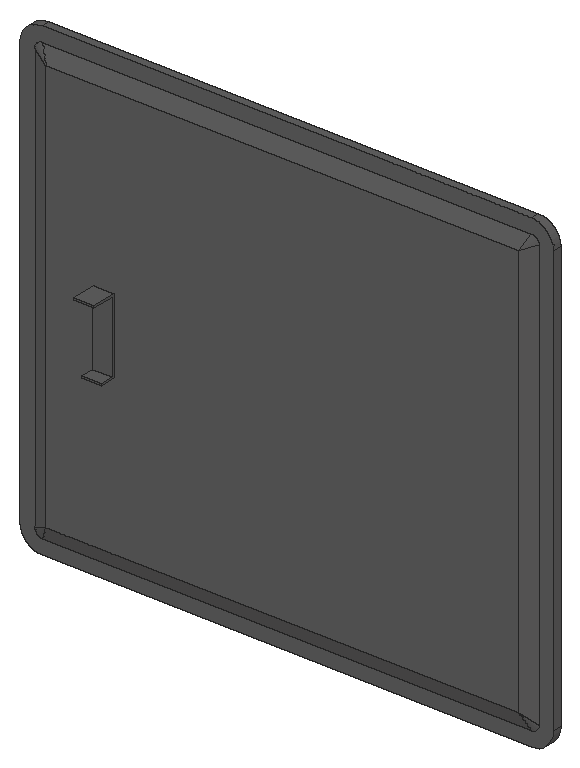
Revit family "Screen-Leg_Mounted-Teknion-JNSEEL-Felt_Elevated-R2015", category Furniture, Revit 2015
Parameters (values of type "Right Configuration")
  Width [instance] = 36.000"
  Warranty = "http://www.teknion.com/ca/papers/legal-canada"
  Unit Weight URL = "http://www.teknion.com/ca/tools/assets#&asset=bee6a381-b954-425e-8283-5a2de3a804f2,f828d448-4b62-4231-9e5f-9a8991c0ed77"
  URL = "www.teknion.com"
  Sustainability Data = "http://www.teknion.com/ca/tools/assets#&topic=216f99a5-57a0-44fc-b10a-9dee9b29ae4c&asset=444deb64-fe58-4b68-981e-f75e97781df7"
  Series = "Expansion Cityline"  # constant formula
  Right Configuration = yes
  Product Page URL = "http://www.teknion.com/ca/products/product-details?productlineid=9ad2a26e-8e7a-673b-a6c8-ff05004460c4"
  Product Line = "Expansion Cityline"  # constant formula
  Product Documentation Link = "http://www.teknion.com/pricing/expansion-cityline/pdfs/JNSEEL_ppg.pdf"
  Part Number = "JNSEEL"  # constant formula
  Model = "JNSEELR"
  Manufacturer Phone = "416-661-3370"  # constant formula
  Manufacturer Fax = "416.661.4586"  # constant formula
  Manufacturer Contact Information = "http://www.teknion.com/ca/contactus"
  Manufacturer Address = "1150 Flint Road, Toronto, ON. M3J 2J5. Canada"  # constant formula
  Manufacturer = "Teknion"  # constant formula
  Left Configuration = no
  Height [instance] = 42.000"
  Felt Finish [instance] = Fabric-Teknion-RB11-Carbon
  Double-Sided Leg Overlay = no
  Description = "Felt Elevated Screen – Leg-Mounted"  # constant formula
  Available Widths [instance] = "18, 24, 30, 36, 48, and 60 inches. When Double-Sided Leg Overlay Configuration is specified Widths 18, 24 and 30 inches are not available. When Right and Left Configurations are specified Widths 36, 48 and 60 inches are not available."  # constant formula
  Available Heights [instance] = "Datum Heights can be specified at 42, 51, or 57 inches."  # constant formula
  Assembly Code = "E2020200"
Types (3): name | Right Configuration | Model | Left Configuration | Double-Sided Leg Overlay
  Double-Sided Leg Overlay | no | "JNSEELD" | no | yes
  Left Configuration | no | "JNSEELL" | yes | no
  Right Configuration | yes | "JNSEELR" | no | no
Reference planes (in)
  plane 1 "Center Front/Back": y = 0
  plane 2: z = 0
  plane 3 "Center Left/Right": x = 0
  plane 4 "Left": x = -18
  plane 5 "Right": x = 18
  plane 6 "Back": y = 0.27559
  plane 7 "Front": y = -0.27559
  plane 8 "Top": z = 42
  plane 9: y = -0.70276
  plane 10: y = 0.70276
  plane 11: x = 5.33071
  plane 12: x = 6.66929
  plane 13: x = -5.33071
  plane 14: x = -6.66929
  plane 15: x = -11.33042
  plane 16: x = -12.669
  plane 17: x = 11.33042
  plane 18: x = 12.669
Forms (in)
  Extrusion 1, solid, material "Fabric-Teknion-RB11-Carbon" <- "Felt Finish"
    sketch origin (54, -9.70276, 0) x (1, 0, 0) y (0, 0, 1)
      loop
        line (-37.5, 42) -> (-70.5, 42)
        arc (-70.5, 42) -> (-71.56066, 41.56066) -> (-72, 40.5) r 1.5
        line (-72, 40.5) -> (-72, 11.5)
        arc (-72, 11.5) -> (-71.56066, 10.43934) -> (-70.5, 10) r 1.5
        line (-70.5, 10) -> (-37.5, 10)
        arc (-37.5, 10) -> (-36.43934, 10.43934) -> (-36, 11.5) r 1.5
        line (-36, 11.5) -> (-36, 40.5)
        arc (-36, 40.5) -> (-36.43934, 41.56066) -> (-37.5, 42) r 1.5
    from -9.97835 to -9.42717
  Blend 2, solid, material "Fabric-Teknion-RB11-Carbon" <- "Felt Finish"
    base sketch origin (54, -0.70276, 0) x (-1, 0, 0) y (0, 0, 1)
      loop
        line (70.49996, 41) -> (37.50004, 41)
        arc (37.50004, 41) -> (37.14646, 40.85354) -> (37, 40.49996) r 0.50004
        line (37, 40.49996) -> (37, 11.50004)
        arc (37, 11.50004) -> (37.14646, 11.14646) -> (37.50004, 11) r 0.50004
        line (37.50004, 11) -> (70.49996, 11)
        arc (70.49996, 11) -> (70.85354, 11.14646) -> (71, 11.50004) r 0.50004
        line (71, 11.50004) -> (71, 40.49996)
        arc (71, 40.49996) -> (70.85354, 40.85354) -> (70.49996, 41) r 0.50004
    top sketch origin (54, -0.70276, 0) x (-1, 0, 0) y (0, 0, 1)
      loop
        line (38.04834, 39.95166) -> (38.04834, 12.04834) -> (69.95166, 12.04834) -> (69.95166, 39.95166) -> (38.04834, 39.95166)
    from 0.97835 to 1.40551
  Blend 3, solid, material "Fabric-Teknion-RB11-Carbon" <- "Felt Finish"
    base sketch origin (54, 0.70276, 0) x (-1, 0, 0) y (0, 0, -1)
      loop
        arc (70.49996, -41) -> (70.85354, -40.85354) -> (71, -40.49996) r 0.50004
        line (71, -40.49996) -> (71, -11.50004)
        arc (71, -11.50004) -> (70.85354, -11.14646) -> (70.49996, -11) r 0.50004
        line (70.49996, -11) -> (37.50004, -11)
        arc (37.50004, -11) -> (37.14646, -11.14646) -> (37, -11.50004) r 0.50004
        line (37, -11.50004) -> (37, -40.49996)
        arc (37, -40.49996) -> (37.14646, -40.85354) -> (37.50004, -41) r 0.50004
        line (37.50004, -41) -> (70.49996, -41)
    top sketch origin (54, 0.70276, 0) x (-1, 0, 0) y (0, 0, -1)
      loop
        line (38.04834, -39.95166) -> (69.95166, -39.95166) -> (69.95166, -12.04834) -> (38.04834, -12.04834) -> (38.04834, -39.95166)
    from 0.97835 to 1.40551
  Extrusion 4, solid, material "Plastic - Teknion - 52 - Ebony", visible <- "Double-Sided Leg Overlay"
    sketch origin (-6.66929, -0.70276, 48) x (0, 1, 0) y (0, 0, 1)
      loop
        line (-1.69291, -20.18898) -> (-1.69291, -20.30709) -> (-0.11811, -20.30709) -> (-0.11811, -25.18504) -> (-1.02362, -25.18504) -> (-1.02362, -25.30315) -> (0, -25.30315) -> (0, -20.18898) -> (-1.69291, -20.18898)
    from 0 to 1.33858
  Extrusion 5, solid, material "Plastic - Teknion - 52 - Ebony", visible <- "Double-Sided Leg Overlay"
    sketch origin (3.83071, -0.70276, 48) x (0, 1, 0) y (0, 0, 1)
      loop
        line (-1.69291, -20.18898) -> (-1.69291, -20.30709) -> (-0.11811, -20.30709) -> (-0.11811, -25.18504) -> (-1.02362, -25.18504) -> (-1.02362, -25.30315) -> (0, -25.30315) -> (0, -20.18898) -> (-1.69291, -20.18898)
    from 1.5 to 2.83858
  Extrusion 6, solid, material "Plastic - Teknion - 52 - Ebony", visible <- "Right Configuration"
    sketch origin (-12.669, -0.70276, 48) x (0, 1, 0) y (0, 0, 1)
      loop
        line (-1.69291, -20.18898) -> (-1.69291, -20.30709) -> (-0.11811, -20.30709) -> (-0.11811, -25.18504) -> (-1.02362, -25.18504) -> (-1.02362, -25.30315) -> (0, -25.30315) -> (0, -20.18898) -> (-1.69291, -20.18898)
    from 0 to 1.33858
  Extrusion 7, solid, material "Plastic - Teknion - 52 - Ebony", visible <- "Left Configuration"
    sketch origin (12.669, -0.70276, 48) x (0, 1, 0) y (0, 0, -1)
      loop
        line (-1.69291, 20.18898) -> (0, 20.18898) -> (0, 25.30315) -> (-1.02362, 25.30315) -> (-1.02362, 25.18504) -> (-0.11811, 25.18504) -> (-0.11811, 20.30709) -> (-1.69291, 20.30709) -> (-1.69291, 20.18898)
    from 0 to 1.33858
Lines and regions (in)
  Masking region 1
    outline origin (0, 0, 0) x (1, 0, 0) y (0, 1, 0)
      loop
        line (-18, 0.27559) -> (-18, -0.27559) -> (18, -0.27559) -> (18, 0.27559) -> (-18, 0.27559)
  Masking region 2
    outline origin (0, 0, 0) x (1, 0, 0) y (0, 1, 0)
      loop
        line (-17, 0.27559) -> (17, 0.27559) -> (15.95166, 0.70276) -> (-15.95166, 0.70276) -> (-17, 0.27559)
  Masking region 3
    outline origin (0, 0, 0) x (1, 0, 0) y (0, 1, 0)
      loop
        line (-15.95166, -0.70276) -> (15.95166, -0.70276) -> (17, -0.27559) -> (-17, -0.27559) -> (-15.95166, -0.70276)
  Masking region 4, visible <- "Double-Sided Leg Overlay"
    outline origin (0, 0, 0) x (1, 0, 0) y (0, 1, 0)
      loop
        line (-6.66929, -2.39567) -> (-5.33071, -2.39567) -> (-5.33071, -0.70276) -> (-6.66929, -0.70276) -> (-6.66929, -2.39567)
  Masking region 5, visible <- "Double-Sided Leg Overlay"
    outline origin (0, 0, 0) x (1, 0, 0) y (0, 1, 0)
      loop
        line (5.33071, -2.39567) -> (6.66929, -2.39567) -> (6.66929, -0.70276) -> (5.33071, -0.70276) -> (5.33071, -2.39567)
  Masking region 6, visible <- "Right Configuration"
    outline origin (-7.75, 0, 0) x (1, 0, 0) y (0, 1, 0)
      loop
        line (-4.919, -2.39567) -> (-3.58042, -2.39567) -> (-3.58042, -0.70276) -> (-4.919, -0.70276) -> (-4.919, -2.39567)
  Masking region 7, visible <- "Left Configuration"
    outline origin (7.75, 0, 0) x (0, 1, 0) y (-1, 0, 0)
      loop
        line (-2.39567, -4.919) -> (-0.70276, -4.919) -> (-0.70276, -3.58042) -> (-2.39567, -3.58042) -> (-2.39567, -4.919)
  symbolic lines, style "FurnitureHiddenLines", visible <- "Double-Sided Leg Overlay", detail levels fine
    curve 1: line (-6.66929, -0.82087, 0) -> (-5.33071, -0.82087, 0)
    curve 2: line (5.33071, -0.82087, 0) -> (6.66929, -0.82087, 0)
  symbolic lines, style "FurnitureHiddenLines", visible <- "Right Configuration", detail levels fine
    curve 3: line (-12.669, -0.82087, 0) -> (-11.33042, -0.82087, 0)
  symbolic lines, style "FurnitureHiddenLines", visible <- "Left Configuration", detail levels fine
    curve 4: line (12.669, -0.82087, 0) -> (11.33042, -0.82087, 0)
  reference lines, not visible
    curve 5: line (-18, 0.27559, 0) -> (-18, -0.27559, 0)
    curve 6: line (-18, 0.27559, 0) -> (18, 0.27559, 0)
    curve 7: line (-18, -0.27559, 0) -> (18, -0.27559, 0)
    curve 8: line (18, 0.27559, 0) -> (18, -0.27559, 0)
Dimensions and locks (in)
  "Width": plane 4 "Left" to plane 5 "Right"
  plane 6 "Back" to plane 1 "Center Front/Back" to plane 7 "Front" = 0.27559" locked, 0.27559" locked
  "Height": plane 8 "Top" to level
  locked: Blend 3 sketch curve to plane 4 "Left" at 2.04834
  locked: plane 8 "Top" to Blend 3 sketch curve at 2.04834
  locked: Blend 3 sketch curve to plane 5 "Right" at 2.04834
  locked: plane 8 "Top" to Blend 3 sketch curve at 1
  locked: plane 8 "Top" to Blend 3 sketch curve at 1.50004  (x2)
  locked: Blend 3 sketch curve to plane 5 "Right" at 1.50004  (x2)
  locked: Blend 3 sketch curve to plane 2 at 11.50004
  locked: Blend 3 sketch curve to plane 2 at 11
  locked: Blend 3 sketch curve to plane 4 "Left" at 1.50004
  locked: Blend 3 sketch curve to plane 4 "Left" at 1
  locked: Blend 3 sketch curve to plane 5 "Right" at 1
  locked: Extrusion 1 sketch curve to plane 2 at 11.5  (x2)
  locked: Extrusion 1 sketch curve to plane 4 "Left" at 1.5  (x2)
  locked: plane 8 "Top" to Extrusion 1 sketch curve at 1.5  (x2)
  locked: Extrusion 1 sketch curve to plane 5 "Right" at 1.5  (x2)
  locked: Blend 2 sketch curve to plane 4 "Left" at 2.04834
  locked: plane 8 "Top" to Blend 2 sketch curve at 2.04834
  locked: Blend 2 sketch curve to plane 2 at 12.04834
  locked: Blend 2 sketch curve to plane 5 "Right" at 2.04834
  locked: plane 8 "Top" to Blend 2 sketch curve at 1
  locked: plane 8 "Top" to Blend 2 sketch curve at 1.50004  (x2)
  locked: Blend 2 sketch curve to plane 5 "Right" at 1.50004  (x2)
  locked: Blend 2 sketch curve to plane 4 "Left" at 1.50004  (x2)
  locked: Blend 2 sketch curve to plane 2 at 11.50004  (x2)
  locked: Blend 2 sketch curve to plane 5 "Right" at 1
  locked: Blend 2 sketch curve to plane 4 "Left" at 1
  locked: plane 1 "Center Front/Back" to plane 10 at 0.70276
  locked: plane 9 to plane 1 "Center Front/Back" at 0.70276
  plane 12 to plane 11 to plane 3 "Center Left/Right" = 1.33858" locked, 5.33071" locked
  equal spacing: plane 4 "Left", plane 3 "Center Left/Right", plane 5 "Right"
  Masking region 2 sketch curve to Masking region 2 sketch curve to plane 5 "Right" = 1.04834" locked, 1.000" locked
  plane 4 "Left" to Masking region 2 sketch curve to Masking region 2 sketch curve = 1.000" locked, 1.04834" locked
  Masking region 3 sketch curve to Masking region 3 sketch curve to plane 5 "Right" = 1.04834" locked, 1.000" locked
  plane 4 "Left" to Masking region 3 sketch curve to Masking region 3 sketch curve = 1.000" locked, 1.04834" locked
  locked: Blend 3 sketch curve to plane 2 at 12.04834
  plane 14 to plane 13 to plane 3 "Center Left/Right" = 1.33858" locked, 5.33071" locked
  plane 9 to Extrusion 4 sketch curve to Extrusion 4 sketch curve to Extrusion 4 sketch curve = 0.11811" locked, 0.90551" locked, 0.66929" locked
  Extrusion 4 sketch curve to Extrusion 4 sketch curve to Extrusion 4 sketch curve to Extrusion 4 sketch curve to plane 2 = 0.11811" locked, 4.87795" locked, 0.11811" locked, 22.69685" locked
  Extrusion 5 sketch curve to Extrusion 5 sketch curve to Extrusion 5 sketch curve to Extrusion 5 sketch curve to plane 2 = 0.11811" locked, 4.87795" locked, 0.11811" locked, 22.69685" locked
  Extrusion 5 sketch curve to Extrusion 5 sketch curve to Extrusion 5 sketch curve to Extrusion 5 sketch curve to plane 9 = 0.66929" locked, 0.90551" locked, 0.11811" locked, 0.000" locked
  plane 4 "Left" to plane 16 to plane 15 = 5.331" locked, 1.33858" locked
  plane 9 to Extrusion 6 sketch curve to Extrusion 6 sketch curve to Extrusion 6 sketch curve = 0.11811" locked, 0.90551" locked, 0.66929" locked
  Extrusion 6 sketch curve to Extrusion 6 sketch curve to Extrusion 6 sketch curve to Extrusion 6 sketch curve to plane 2 = 0.11811" locked, 4.87795" locked, 0.11811" locked, 22.69685" locked
  plane 5 "Right" to plane 18 to plane 17 = 5.331" locked, 1.33858" locked
  plane 9 to Extrusion 7 sketch curve to Extrusion 7 sketch curve to Extrusion 7 sketch curve = 0.11811" locked, 0.90551" locked, 0.66929" locked
  Extrusion 7 sketch curve to Extrusion 7 sketch curve to Extrusion 7 sketch curve to Extrusion 7 sketch curve to plane 2 = 0.11811" locked, 4.87795" locked, 0.11811" locked, 22.69685" locked
  Extrusion 1 to level = 10.000"
  aligned and locked: level to plane 2
  aligned and locked: Extrusion 1 sketch curve to plane 4 "Left"
  aligned and locked: Extrusion 1 sketch curve to plane 5 "Right"
  aligned and locked: plane 8 "Top" to Extrusion 1 sketch curve
  aligned and locked: Blend 2 to plane 6 "Back"
  aligned and locked: Blend 3 to plane 7 "Front"
  aligned and locked: plane 10 to Blend 2
  aligned and locked: Blend 3 to plane 9
  aligned and locked: Masking region 1 sketch curve to plane 4 "Left"
  aligned and locked: Masking region 1 sketch curve to plane 6 "Back"
  aligned and locked: Masking region 1 sketch curve to plane 7 "Front"
  aligned and locked: plane 5 "Right" to Masking region 1 sketch curve
  aligned and locked: Masking region 2 sketch curve to Blend 2  (x2)
  aligned and locked: Masking region 3 sketch curve to Blend 3  (x2)
  aligned and locked: plane 9 to Extrusion 4 sketch curve
  aligned and locked: Extrusion 4 to plane 14
  aligned and locked: plane 13 to Extrusion 4
  aligned and locked: Extrusion 5 to plane 12
  aligned and locked: plane 11 to Extrusion 5
  aligned and locked: Extrusion 6 to plane 16
  aligned and locked: plane 15 to Extrusion 6
  aligned and locked: plane 18 to Extrusion 7
  aligned and locked: Extrusion 7 to plane 17
  aligned and locked: plane 9 to Extrusion 6
  aligned and locked: plane 9 to Extrusion 4
  aligned and locked: plane 9 to Extrusion 5
  aligned and locked: plane 9 to Extrusion 7
  aligned and locked: plane 9 to Masking region 6 sketch curve
  aligned and locked: plane 15 to Masking region 6 sketch curve
  aligned and locked: Masking region 6 sketch curve to plane 16
  aligned and locked: Masking region 4 sketch curve to plane 14
  aligned and locked: plane 13 to Masking region 4 sketch curve
  aligned and locked: plane 9 to Masking region 4 sketch curve
  aligned and locked: plane 11 to Masking region 5 sketch curve
  aligned and locked: plane 9 to Masking region 5 sketch curve
  aligned and locked: Masking region 5 sketch curve to plane 12
  aligned and locked: Masking region 7 sketch curve to plane 17
  aligned and locked: Masking region 7 sketch curve to plane 9
  aligned and locked: plane 18 to Masking region 7 sketch curve
  aligned and locked: plane 9 to Extrusion 6 sketch curve
  aligned and locked: Masking region 6 sketch curve to Extrusion 6
  aligned and locked: Masking region 4 sketch curve to Extrusion 4
  aligned and locked: Masking region 5 sketch curve to Extrusion 5
  aligned and locked: Masking region 7 sketch curve to Extrusion 7
  aligned and locked: curve 5 to plane 4 "Left"
  aligned and locked: curve 6 to plane 6 "Back"
  aligned and locked: curve 7 to plane 7 "Front"
  aligned and locked: plane 5 "Right" to curve 8
Automatic sketch dimensions
  curve 3 to plane 16 = 0.000"
  curve 3 to plane 15 = 0.000"
  curve 1 to plane 14 = 0.000"
  curve 1 to plane 13 = 0.000"
  curve 2 to plane 11 = 0.000"
  curve 2 to plane 12 = 0.000"
  curve 4 to plane 17 = 0.000"
  curve 4 to plane 18 = 0.000"
  curve 1 to plane 9 = 0.11811"
  curve 2 to plane 9 = 0.11811"
  curve 3 to plane 9 = 0.11811"
  curve 4 to plane 9 = 0.11811"
  Blend 3 sketch curve to Blend 3 sketch curve = 0.50004"
  Extrusion 7 sketch curve to plane 9 = 0.000"
